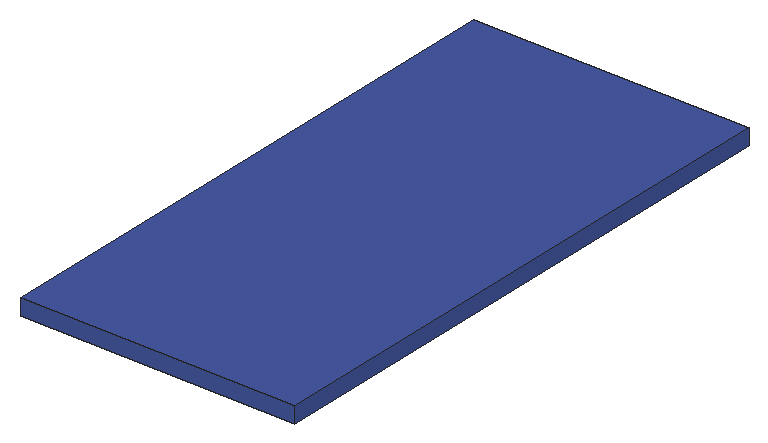
Revit family "Pannello Fotovoltaico", category Attrezzature speciali, host Superficie, Revit 2012
Parameters (values of type "Wurth 80Wp 1250x605x35")
  c_spessorepannello = 35 mm
  c_potenza = 80
  c_pesopannello = 12.71
  c_materiale = vetro fotovoltaico
  c_lunghezzapannello = 1250 mm
  c_larghezzapannello = 605 mm
  c_costopannello = 0
  c_areapannello = c_lunghezzapannello * c_larghezzapannello  # 0.75625 m²
  Default Elevation = 1219.2 mm
Types (4, lengths in mm): name | c_spessorepannello | c_potenza | c_pesopannello | c_lunghezzapannello | c_larghezzapannello | c_areapannello
  (no name) | 35 | 80 | 12.71 | 1250 | 605 | 0.75625 m²
  Sunerg 225Wp 1645x992x46 | 46 | 225 | 22 | 1645 | 992 | 1.63184 m²
  Trina 225Wp 1650x992x46 | 46 | 225 | 19.5 | 1650 | 992 | 1.6368 m²
  Wurth 80Wp 1250x605x35 | 35 | 80 | 12.71 | 1250 | 605 | 0.75625 m²
Reference planes
  plane 1 "Centro (Fronte/Retro)": y = 0
  plane 2: z = 0
  plane 3 "Centro (Sinistra/Destra)": x = 0
  plane 4: x = 605
  plane 5: y = -1250
Forms (mm)
  Extrusion 1, solid, material "vetro fotovoltaico" <- "c_materiale"
    sketch origin (0, 0, 0) x (1, 0, 0) y (0, 1, 0)
      loop
        line (0, 0) -> (0, -1250) -> (605, -1250) -> (605, 0) -> (0, 0)
    from 0 to 35 <- "c_spessorepannello"
Dimensions and locks
  "c_larghezzapannello": plane 4 to plane 3 "Centro (Sinistra/Destra)"
  "c_lunghezzapannello": plane 5 to plane 1 "Centro (Fronte/Retro)"
  aligned and locked: plane 2 to host face
  aligned and locked: level to host face
  aligned and locked: Extrusion 1 to plane 1 "Centro (Fronte/Retro)"
  aligned and locked: plane 4 to Extrusion 1
  aligned and locked: Extrusion 1 to plane 5
  aligned and locked: Extrusion 1 to plane 3 "Centro (Sinistra/Destra)"
Automatic sketch dimensions
  host sketch curve to host sketch curve = 2438.4 mm  (x2)
  Extrusion 1 sketch curve to plane 3 "Centro (Sinistra/Destra)" = 0 mm
  plane 4 to Extrusion 1 sketch curve = 0 mm
  Extrusion 1 sketch curve to plane 5 = 0 mm
  Extrusion 1 sketch curve to plane 1 "Centro (Fronte/Retro)" = 0 mm
